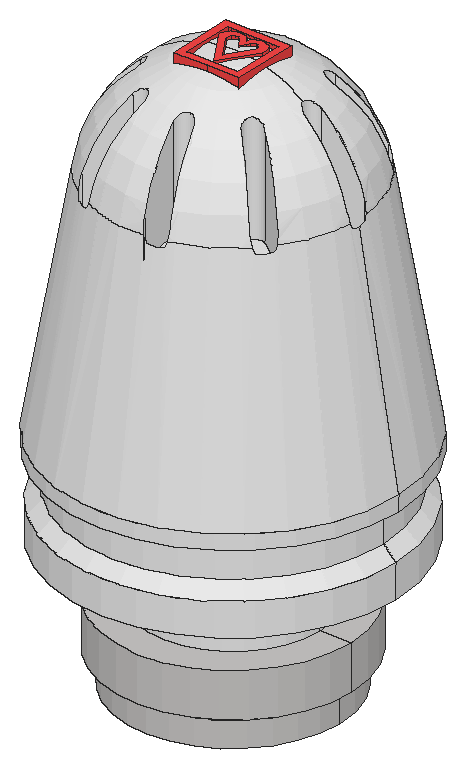
Revit family "HERZ-Thermostatkopf MINI Turbo M28x1.5 9200 16", category Rohrzubehör, Revit 2018
Family settings
  Bemaßung runder Anschluss = Durchmesser verwenden
  Teiletyp = Normal
  OmniClass-Nummer = 23.65.55.14
  OmniClass-Titel = Valves for Liquid Services
  Arbeitsebenenbasiert = Nein
  Immer vertikal = Nein
  Beim Laden mit Abzugskörper schneiden = Nein
  Gemeinsam genutzt = Nein
Parameters
  URL = "www.herz-armaturen.at"
  Thermostatkopf = "Kunststoff, weiß"  # constant formula
  Sollwertbereich = "6-28°C"  # constant formula
  S02 = 60 mm  # constant formula
  S01 = 73 mm  # constant formula
  Nullstellung = "Heizkörperthermostat mit Flüssigkeitsfühler (Hydrosensor) mit Stellung „0“, Frostsicherung einstellbar, mit Begrenzung und Blockierung des Sollwertbereiches."
  Hersteller = "HERZ Armaturen Ges.m.b.H."  # constant formula
  Funktionsweise = "Der HERZ-Thermostat dient als Fühl- und Regelelement. Durch die Volumsänderung der Flüssigkeitsfüllung im HERZ-Hydrosensor wird die Schubspindel des Ventils bewegt."
  Frostsicherung bei = 6 °C  # constant formula
  Sollwertbereich Frostsicherung = "6-28°C"  # constant formula
  Frostsicherung = "Heizkörperthermostat  mit  Flüssigkeitsfühler  (Hydrosensor)  mit  automatischer  Frostsicherung  und  Be-grenzung und Blockierung des Sollwertbereiches."
  Bestellnummer = 1920016  # constant formula
  Anwendungen = "Zur Montage auf Ventilen, die für thermostatischen Betrieb eingerichtet sind.Artikelnummern, Dimensionen und Lieferform der HERZ Ventile sind den jeweiligen Produktnormblättern zu entnehmen."
Reference planes
  plane 1 "Mitte (Vorne/hinten)": y = 0
  plane 2: z = 0
  plane 3 "Mitte (Links/rechts)": x = 0
Forms (mm)
  Revolve 1, solid, material "Kunststoff weiß", detail levels fine
    sketch origin (0, 0, 0) x (1, 0, 0) y (0, 0, 1)
      loop
        line (0, 0) -> (0, 73)
        arc (0, 73) -> (-11.397, 68.78) -> (-17.297, 58.156) r 17.5
        arc (-17.297, 58.156) -> (-20.011, 42.065) -> (-22.88, 26) r 1681.293
        line (-22.88, 26) -> (-22.88, 24) -> (-20.75, 24) -> (-20.75, 19.25) -> (-22.5, 17.5) -> (-22.5, 13) -> (-12.8, 13)
        arc (-12.8, 13) -> (-12.234, 12.766) -> (-12, 12.2) r 0.8
        line (-12, 12.2) -> (-12, 4.8) -> (-13.2, 4.8) -> (-13.2, 0) -> (0, 0)
      axis (0, 73) -> (0, 0)
    angle from 0 to 360
  Revolve 2, solid, material "Messing verzinkt", detail levels fine
    sketch origin (0, 0, 0) x (1, 0, 0) y (0, 0, 1)
      loop
        line (0, 0) -> (0, 5.5) -> (-16.35, 5.5) -> (-16.35, -0.576) -> (-14.75, -1.5) -> (-14.75, -5) -> (-13.35, -5) -> (-13.35, 0) -> (0, 0)
      axis (0, 5.5) -> (0, -5)
    angle from 0 to 360
  Extrusion 3, void
    sketch origin (0, 0, 0) x (1, 0, 0) y (0, 1, 0)
      loop
        arc (11.027, 1.298) -> (9.8, 0) -> (11.027, -1.298) r 1.3
        line (11.027, -1.298) -> (16.77, -1.62)
        arc (16.77, -1.62) -> (17.178, -1.485) -> (17.384, -1.107) r 0.586
        arc (17.384, -1.107) -> (17.453, 0.011) -> (17.382, 1.129) r 9
        arc (17.382, 1.129) -> (17.183, 1.492) -> (16.79, 1.621) r 0.564
        line (16.79, 1.621) -> (11.027, 1.298)
      loop
        line (9.282, 6.094) -> (13.904, 9.55)
        arc (13.904, 9.55) -> (14.121, 9.902) -> (14.04, 10.308) r 0.564
        arc (14.04, 10.308) -> (13.376, 11.21) -> (12.605, 12.023) r 9
        arc (12.605, 12.023) -> (12.205, 12.18) -> (11.805, 12.021) r 0.586
        line (11.805, 12.021) -> (7.613, 8.082)
        arc (7.613, 8.082) -> (7.507, 6.299) -> (9.282, 6.094) r 1.3
      loop
        arc (0.637, 11.085) -> (1.702, 9.651) -> (3.193, 10.634) r 1.3
        line (3.193, 10.634) -> (4.508, 16.234)
        arc (4.508, 16.234) -> (4.445, 16.659) -> (4.109, 16.928) r 0.586
        arc (4.109, 16.928) -> (3.02, 17.189) -> (1.907, 17.313) r 9
        arc (1.907, 17.313) -> (1.515, 17.181) -> (1.319, 16.816) r 0.564
        line (1.319, 16.816) -> (0.637, 11.085)
      loop
        line (-4.39, 10.199) -> (-6.991, 15.351)
        arc (-6.991, 15.351) -> (-7.3, 15.626) -> (-7.713, 15.617) r 0.564
        arc (-7.713, 15.617) -> (-8.717, 15.12) -> (-9.651, 14.501) r 9
        arc (-9.651, 14.501) -> (-9.875, 14.134) -> (-9.788, 13.713) r 0.586
        line (-9.788, 13.713) -> (-6.638, 8.901)
        arc (-6.638, 8.901) -> (-4.9, 8.487) -> (-4.39, 10.199) r 1.3
      loop
        arc (-10.806, 2.552) -> (-9.209, 3.352) -> (-9.918, 4.991) r 1.3
        line (-9.918, 4.991) -> (-15.204, 7.258)
        arc (-15.204, 7.258) -> (-15.634, 7.271) -> (-15.957, 6.986) r 0.586
        arc (-15.957, 6.986) -> (-16.404, 5.959) -> (-16.719, 4.884) r 9
        arc (-16.719, 4.884) -> (-16.657, 4.475) -> (-16.332, 4.219) r 0.564
        line (-16.332, 4.219) -> (-10.806, 2.552)
      loop
        line (-10.806, -2.552) -> (-16.332, -4.219)
        arc (-16.332, -4.219) -> (-16.657, -4.475) -> (-16.719, -4.884) r 0.564
        arc (-16.719, -4.884) -> (-16.404, -5.959) -> (-15.957, -6.986) r 9
        arc (-15.957, -6.986) -> (-15.634, -7.271) -> (-15.204, -7.258) r 0.586
        line (-15.204, -7.258) -> (-9.918, -4.991)
        arc (-9.918, -4.991) -> (-9.209, -3.352) -> (-10.806, -2.552) r 1.3
      loop
        arc (9.282, -6.094) -> (7.507, -6.299) -> (7.613, -8.082) r 1.3
        line (7.613, -8.082) -> (11.805, -12.021)
        arc (11.805, -12.021) -> (12.205, -12.18) -> (12.605, -12.023) r 0.586
        arc (12.605, -12.023) -> (13.376, -11.21) -> (14.04, -10.308) r 9
        arc (14.04, -10.308) -> (14.121, -9.902) -> (13.904, -9.55) r 0.564
        line (13.904, -9.55) -> (9.282, -6.094)
      loop
        line (0.637, -11.085) -> (1.319, -16.816)
        arc (1.319, -16.816) -> (1.515, -17.181) -> (1.907, -17.313) r 0.564
        arc (1.907, -17.313) -> (3.02, -17.189) -> (4.109, -16.928) r 9
        arc (4.109, -16.928) -> (4.445, -16.659) -> (4.508, -16.234) r 0.586
        line (4.508, -16.234) -> (3.193, -10.634)
        arc (3.193, -10.634) -> (1.702, -9.651) -> (0.637, -11.085) r 1.3
      loop
        arc (-4.39, -10.199) -> (-4.9, -8.487) -> (-6.638, -8.901) r 1.3
        line (-6.638, -8.901) -> (-9.788, -13.713)
        arc (-9.788, -13.713) -> (-9.875, -14.134) -> (-9.651, -14.501) r 0.586
        arc (-9.651, -14.501) -> (-8.717, -15.12) -> (-7.713, -15.617) r 9
        arc (-7.713, -15.617) -> (-7.3, -15.626) -> (-6.991, -15.351) r 0.564
        line (-6.991, -15.351) -> (-4.39, -10.199)
    from 55 to 73
Cuts and joins
  Extrusion 3 cuts Revolve 1
Lines and regions (mm)
  model lines, detail levels coarse+medium
    curve 1: line (0, 0, 0) -> (0, 0, 13)
    curve 2: line (0, -0.017, 0) -> (0, 13, 0)
    curve 3: circle (0, 0, 43) r 30 normal (0, -1, 0)
    curve 4: line (0, 0, 23) -> (0, 0, 63)
    curve 5: line (-17.5, 0, 63) -> (17.5, 0, 63)
    curve 6: circle (0, -0.017, 43) r 30 normal (1, 0, 0)
    curve 7: line (0, -0.017, 23) -> (0, -0.017, 63)
    curve 8: line (0, 17.483, 63) -> (0, -17.517, 63)
    curve 9: circle (0, 43, 0) r 30 normal (0, 0, 1)
    curve 10: line (0, 23, 0) -> (0, 63, 0)
    curve 11: line (-17.5, 63, 0) -> (17.5, 63, 0)
Dimensions and locks
  "S01": curve 3 to plane 2
  "S01": curve 6 to plane 2
  "S01": plane 1 "Mitte (Vorne/hinten)" to curve 9
  "S02": diameter of curve 3
  "S02": diameter of curve 6
  "S02": diameter of curve 9
  aligned and locked: level to plane 2
Automatic sketch dimensions
  Revolve 1 sketch curve to level = 0 mm
  Revolve 1 sketch curve to plane 3 "Mitte (Links/rechts)" = 0 mm  (x2)
  Revolve 1 sketch curve to plane 3 "Mitte (Links/rechts)" = 12 mm
  Revolve 1 sketch curve to Revolve 1 sketch curve = 0.8 mm
  Revolve 1 sketch curve to Revolve 1 sketch curve = 1.2 mm
  Revolve 1 sketch curve to Revolve 1 sketch curve = 7.95 mm
  Revolve 1 sketch curve to Revolve 1 sketch curve = 1.75 mm  (x2)
  Revolve 1 sketch curve to Revolve 1 sketch curve = 2.13 mm
  level to Revolve 1 sketch curve = 329.658 mm
  Revolve 1 sketch curve to plane 3 "Mitte (Links/rechts)" = 1676.524 mm
  level to Revolve 1 sketch curve = 4.8 mm
  Revolve 1 sketch curve to Revolve 1 sketch curve = 7.4 mm
  Revolve 1 sketch curve to Revolve 1 sketch curve = 4.5 mm
  Revolve 1 sketch curve to Revolve 1 sketch curve = 4.75 mm
  Revolve 1 sketch curve to Revolve 1 sketch curve = 2 mm
  Revolve 1 sketch curve to Revolve 1 sketch curve = 29.5 mm
  Revolve 1 sketch curve to Revolve 1 sketch curve = 17.5 mm
  Revolve 1 sketch curve to level = 366.045 mm
  Revolve 1 sketch curve to Revolve 1 sketch curve = 2141.315 mm
  Revolve 2 sketch curve to level = 0 mm
  Revolve 2 sketch curve to plane 3 "Mitte (Links/rechts)" = 0 mm  (x2)
  Revolve 2 sketch curve to level = 5 mm
  Revolve 2 sketch curve to plane 3 "Mitte (Links/rechts)" = 13.35 mm
  Revolve 2 sketch curve to Revolve 2 sketch curve = 1.4 mm
  Revolve 2 sketch curve to level = 0.576 mm
  Revolve 2 sketch curve to Revolve 2 sketch curve = 1.6 mm
  Revolve 2 sketch curve to level = 1.5 mm
  level to Revolve 2 sketch curve = 5.5 mm
  Revolve 2 sketch curve to Revolve 2 sketch curve = 361.045 mm
  Revolve 2 sketch curve to Revolve 2 sketch curve = 2208.815 mm
  plane 1 "Mitte (Vorne/hinten)" to Extrusion 3 sketch curve = 0 mm  (x2)
  Extrusion 3 sketch curve to plane 1 "Mitte (Vorne/hinten)" = 4.219 mm
  Extrusion 3 sketch curve to plane 3 "Mitte (Links/rechts)" = 16.332 mm
  plane 1 "Mitte (Vorne/hinten)" to Extrusion 3 sketch curve = 4.219 mm
  Extrusion 3 sketch curve to Extrusion 3 sketch curve = 0 mm  (x11)
  Extrusion 3 sketch curve to Extrusion 3 sketch curve = 0.163 mm  (x2)
  Extrusion 3 sketch curve to Extrusion 3 sketch curve = 0.734 mm  (x2)
  plane 1 "Mitte (Vorne/hinten)" to Extrusion 3 sketch curve = 7.258 mm
  Extrusion 3 sketch curve to Extrusion 3 sketch curve = 0.231 mm  (x2)
  Extrusion 3 sketch curve to plane 1 "Mitte (Vorne/hinten)" = 7.258 mm
  plane 1 "Mitte (Vorne/hinten)" to Extrusion 3 sketch curve = 2.552 mm
  Extrusion 3 sketch curve to Extrusion 3 sketch curve = 5.526 mm
  Extrusion 3 sketch curve to plane 1 "Mitte (Vorne/hinten)" = 2.552 mm
  Extrusion 3 sketch curve to Extrusion 3 sketch curve = 0.375 mm  (x2)
  Extrusion 3 sketch curve to Extrusion 3 sketch curve = 0.512 mm  (x2)
  Extrusion 3 sketch curve to Extrusion 3 sketch curve = 5.416 mm  (x2)
  Extrusion 3 sketch curve to Extrusion 3 sketch curve = 0.49 mm  (x2)
  Extrusion 3 sketch curve to Extrusion 3 sketch curve = 2.488 mm  (x2)
  Extrusion 3 sketch curve to Extrusion 3 sketch curve = 1.803 mm  (x2)
  Extrusion 3 sketch curve to Extrusion 3 sketch curve = 0.504 mm  (x2)
  Extrusion 3 sketch curve to Extrusion 3 sketch curve = 3.281 mm  (x2)
  Extrusion 3 sketch curve to Extrusion 3 sketch curve = 1.088 mm  (x2)
  Extrusion 3 sketch curve to Extrusion 3 sketch curve = 1.16 mm  (x2)
  Extrusion 3 sketch curve to Extrusion 3 sketch curve = 1.324 mm  (x2)
  plane 3 "Mitte (Links/rechts)" to Extrusion 3 sketch curve = 0.637 mm  (x2)
  plane 3 "Mitte (Links/rechts)" to Extrusion 3 sketch curve = 1.319 mm  (x2)
  plane 3 "Mitte (Links/rechts)" to Extrusion 3 sketch curve = 1.468 mm  (x2)
  Extrusion 3 sketch curve to Extrusion 3 sketch curve = 0.561 mm  (x2)
  Extrusion 3 sketch curve to Extrusion 3 sketch curve = 1.291 mm  (x2)
  Extrusion 3 sketch curve to Extrusion 3 sketch curve = 1.266 mm  (x2)
  Extrusion 3 sketch curve to Extrusion 3 sketch curve = 2.058 mm  (x2)
  Extrusion 3 sketch curve to Extrusion 3 sketch curve = 0.57 mm  (x2)
  Extrusion 3 sketch curve to Extrusion 3 sketch curve = 5.007 mm  (x2)
  Extrusion 3 sketch curve to Extrusion 3 sketch curve = 1.138 mm  (x2)
  Extrusion 3 sketch curve to Extrusion 3 sketch curve = 1.978 mm
  Extrusion 3 sketch curve to Extrusion 3 sketch curve = 0.89 mm  (x2)
  Extrusion 3 sketch curve to Extrusion 3 sketch curve = 0.779 mm  (x2)
  plane 1 "Mitte (Vorne/hinten)" to Extrusion 3 sketch curve = 1.298 mm
  Extrusion 3 sketch curve to Extrusion 3 sketch curve = 2.575 mm
  Extrusion 3 sketch curve to Extrusion 3 sketch curve = 0.073 mm
  Extrusion 3 sketch curve to Extrusion 3 sketch curve = 4.192 mm  (x2)
  Extrusion 3 sketch curve to Extrusion 3 sketch curve = 0.401 mm  (x2)
  Extrusion 3 sketch curve to Extrusion 3 sketch curve = 1.36 mm  (x2)
  Extrusion 3 sketch curve to Extrusion 3 sketch curve = 0.338 mm  (x2)
  plane 1 "Mitte (Vorne/hinten)" to Extrusion 3 sketch curve = 1.62 mm
  Extrusion 3 sketch curve to Extrusion 3 sketch curve = 5.743 mm
  Extrusion 3 sketch curve to plane 1 "Mitte (Vorne/hinten)" = 1.621 mm
  Extrusion 3 sketch curve to Extrusion 3 sketch curve = 0.02 mm
  Extrusion 3 sketch curve to Extrusion 3 sketch curve = 0.033 mm
  Extrusion 3 sketch curve to Extrusion 3 sketch curve = 0.032 mm
  plane 1 "Mitte (Vorne/hinten)" to Extrusion 3 sketch curve = 7.32 mm
  Extrusion 3 sketch curve to Extrusion 3 sketch curve = 6.784 mm
  Extrusion 3 sketch curve to Extrusion 3 sketch curve = 1.004 mm
  Extrusion 3 sketch curve to Extrusion 3 sketch curve = 1.581 mm  (x2)
  Extrusion 3 sketch curve to Extrusion 3 sketch curve = 1.468 mm
  Extrusion 3 sketch curve to Extrusion 3 sketch curve = 0.712 mm  (x2)
  Extrusion 3 sketch curve to Extrusion 3 sketch curve = 0.452 mm  (x2)
  Extrusion 3 sketch curve to Extrusion 3 sketch curve = 2.31 mm  (x2)
  Extrusion 3 sketch curve to Extrusion 3 sketch curve = 0.297 mm  (x2)
  Extrusion 3 sketch curve to Extrusion 3 sketch curve = 1.591 mm  (x2)
  Extrusion 3 sketch curve to Extrusion 3 sketch curve = 0.427 mm  (x2)
  Extrusion 3 sketch curve to Extrusion 3 sketch curve = 4.812 mm  (x2)
  Extrusion 3 sketch curve to Extrusion 3 sketch curve = 0.321 mm  (x2)
  Extrusion 3 sketch curve to Extrusion 3 sketch curve = 1.063 mm  (x2)
  Extrusion 3 sketch curve to Extrusion 3 sketch curve = 0.254 mm  (x2)
  Extrusion 3 sketch curve to Extrusion 3 sketch curve = 5.599 mm  (x2)
  Extrusion 3 sketch curve to Extrusion 3 sketch curve = 0.134 mm  (x2)
  Extrusion 3 sketch curve to Extrusion 3 sketch curve = 0.382 mm  (x2)
  Extrusion 3 sketch curve to Extrusion 3 sketch curve = 0.067 mm  (x2)
  Extrusion 3 sketch curve to Extrusion 3 sketch curve = 0.947 mm
  Extrusion 3 sketch curve to Extrusion 3 sketch curve = 0.539 mm  (x2)
  Extrusion 3 sketch curve to Extrusion 3 sketch curve = 1.702 mm
  Extrusion 3 sketch curve to Extrusion 3 sketch curve = 2.439 mm
  Extrusion 3 sketch curve to Extrusion 3 sketch curve = 0.54 mm  (x2)
  Extrusion 3 sketch curve to Extrusion 3 sketch curve = 0.905 mm
  Extrusion 3 sketch curve to Extrusion 3 sketch curve = 0.585 mm
  Extrusion 3 sketch curve to Extrusion 3 sketch curve = 0.564 mm
  Extrusion 3 sketch curve to Extrusion 3 sketch curve = 0.339 mm
  Extrusion 3 sketch curve to Extrusion 3 sketch curve = 1.245 mm
  Extrusion 3 sketch curve to plane 1 "Mitte (Vorne/hinten)" = 5.433 mm
  Extrusion 3 sketch curve to Extrusion 3 sketch curve = 0.661 mm
  Extrusion 3 sketch curve to Extrusion 3 sketch curve = 1.041 mm
  Extrusion 3 sketch curve to Extrusion 3 sketch curve = 4.429 mm
  Extrusion 3 sketch curve to Extrusion 3 sketch curve = 2.891 mm
  Extrusion 3 sketch curve to Extrusion 3 sketch curve = 3.456 mm
  Extrusion 3 sketch curve to plane 1 "Mitte (Vorne/hinten)" = 1.298 mm  (x2)
  plane 1 "Mitte (Vorne/hinten)" to curve 6 = 0.017 mm
  plane 1 "Mitte (Vorne/hinten)" to curve 7 = 0.017 mm
  curve 8 to curve 7 = 17.5 mm
  curve 8 to plane 1 "Mitte (Vorne/hinten)" = 17.483 mm
  curve 7 to curve 6 = 20 mm
  curve 6 to curve 8 = 20 mm
  curve 3 to plane 3 "Mitte (Links/rechts)" = 0 mm
  curve 4 to plane 3 "Mitte (Links/rechts)" = 0 mm
  curve 1 to plane 3 "Mitte (Links/rechts)" = 0 mm
  curve 1 to level = 0 mm
  curve 5 to curve 4 = 17.5 mm
  plane 3 "Mitte (Links/rechts)" to curve 5 = 17.5 mm
  curve 1 to curve 4 = 10 mm
  curve 3 to curve 5 = 20 mm
  curve 9 to plane 3 "Mitte (Links/rechts)" = 0 mm
  curve 10 to plane 3 "Mitte (Links/rechts)" = 0 mm
  curve 2 to plane 3 "Mitte (Links/rechts)" = 0 mm
  curve 11 to curve 10 = 17.5 mm
  plane 3 "Mitte (Links/rechts)" to curve 11 = 17.5 mm
  plane 1 "Mitte (Vorne/hinten)" to curve 2 = 0.017 mm
  curve 2 to curve 10 = 10 mm
  curve 9 to curve 11 = 20 mm
Nested families
  nested 1: "Herz-Logo" at (0, 0, 71.5), type "Herz-Logo", detail levels fine
Definition of nested family "Herz-Logo"
  Reference planes
    plane 1 "Mitte (Vorne/hinten)": y = 0
    plane 2: z = 0
    plane 3 "Mitte (Links/rechts)": x = 0
  Forms (mm)
    Extrusion 1, solid
      sketch origin (0, 0, 0) x (1, 0, 0) y (0, 1, 0)
        loop
          line (-0.018, -4.517) -> (4.482, -4.517) -> (4.482, 4.483) -> (-4.518, 4.483) -> (-4.518, -4.517) -> (-0.018, -4.517)
        loop
          line (-0.05, -3.48) -> (3.482, -3.48) -> (3.482, 3.483) -> (-3.518, 3.483) -> (-3.518, -3.48) -> (-0.05, -3.48)
        loop
          arc (-0.018, 2.383) -> (-1.543, 3.287) -> (-3.067, 2.383) r 1.738
          arc (-3.067, 2.383) -> (-3.191, 1.899) -> (-3.067, 1.415) r 1.009
          line (-3.067, 1.415) -> (-0.018, -3.281) -> (3.032, 1.415)
          arc (3.032, 1.415) -> (3.156, 1.899) -> (3.032, 2.383) r 1.009
          arc (3.032, 2.383) -> (1.507, 3.287) -> (-0.018, 2.383) r 1.738
        loop
          arc (1.885, 1.272) -> (2.005, 1.675) -> (1.885, 2.079) r 0.74
          arc (1.885, 2.079) -> (1.265, 2.416) -> (0.644, 2.079) r 0.74
          line (0.644, 2.079) -> (-0.018, 0.97) -> (-0.679, 2.079)
          arc (-0.679, 2.079) -> (-1.3, 2.416) -> (-1.921, 2.079) r 0.74
          arc (-1.921, 2.079) -> (-2.04, 1.675) -> (-1.921, 1.272) r 0.74
          line (-1.921, 1.272) -> (-0.018, -1.658) -> (1.885, 1.272)
      from 0 to 1.5
  Dimensions and locks
    aligned and locked: level to plane 2
